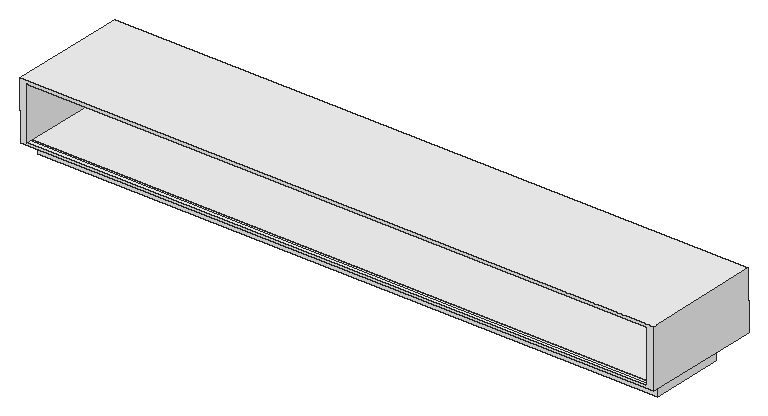
Revit family "2L-W-ID", category Lighting Fixtures, host Face, Revit 2021
Family settings
  Host = Face
  Round Connector Dimension = Use Diameter
  Part Type = Normal
  OmniClass Number = 23.80.70.11.14.17
  OmniClass Title = Direct/Indirect
  Cut with Voids When Loaded = No
  Light Source = Yes
  Shared = Yes
  Room Calculation Point = No
Parameters (values of type "2L-W-ID-02")
  Watts = 12.1 W
  Wattage Comments = "Variable Intensity technology provides specifiable lumen output/wattage"  # constant formula
  Wattage = 12.1 W
  Warranty = "5 years Warranty"  # constant formula
  built-in parameter 1150110 = 1 (stored number, unit not read)
  Voltage = 120 V
  URL = "https://www.currentlighting.com/litecontrol"
  built-in parameter 1114217 = 1 (stored number, unit not read)
  Tilt Angle = -90.00°
  built-in parameter 1150109 = 1 (stored number, unit not read)
  built-in parameter 1150134 = (empty or 0)
  built-in parameter 1150113 = 1 (stored number, unit not read)
  Reflector Finish = White Glass
  Product Page URL = ""
  Product Documentation Link = ""
  Power Factor = 0.9
  Photometric Web File = "2L-W-D-4-DRP-X-CX-35K-D030.ies"
  Mounting Type = "Wall"  # constant formula
  Model = "2L-W-ID"  # constant formula
  Max Length in Row = 2L : 02
  Manufacturer = "LITECONTROL"  # constant formula
  built-in parameter 1150105 = 87.623 (stored number, unit not read)
  Lumens = 1101.1 lm
  built-in parameter 1150115 = 1 (stored number, unit not read)
  Load Classification = Lighting
  built-in parameter 1150137 = (empty or 0)
  built-in parameter 1150139 = (empty or 0)
  built-in parameter 1150112 = 1 (stored number, unit not read)
  built-in parameter 1150114 = 1 (stored number, unit not read)
  Lamp = "LED"  # constant formula
  built-in parameter 1150132 = (empty or 0)
  built-in parameter 1150102 = (empty or 0)
  built-in parameter 1150107 = 3500 (stored number, unit not read)
  built-in parameter 1150138 = (empty or 0)
  built-in parameter 1150106 = 0.87623 (stored number, unit not read)
  Housing Material = Paint - Matte White
  Features = "Variable Intensity technology provides specifiable uplight and downlight light levels\r\nEnd cap design eliminates visible diffuser seams/gaps\r\n2 SDCM color variation\r\nLPA distribution available\r\nSpectraSync™ Color Tuning Technology available\r\nNX Distributed Intelligence™ wired and wireless controls capability available"  # constant formula
  Emit from Rectangle Width = 24"
  Emit from Rectangle Length = 2"  # constant formula
  Emit Shape Visible in Rendering = no
  built-in parameter 1150104 = 8.4542 (stored number, unit not read)
  Fixture distribution = "Indirect/Direct"  # constant formula
  Dimming Protocol = "0-10V, Lutron, DALI"  # constant formula
  Dimming Lamp Color Temperature Shift = <None>
  Description = "The MOD™ 2L LED Wall Indirect/Direct (2L-W-ID) is part of the MODx family, which is an affordably-priced, full-featured offering with best-in-class attention to detail."  # constant formula
  Default Elevation = 48"
  Copyright = "Copyright © Litecontrol"  # constant formula
  Contact us = ""
  Connector Description = "Lighting Connector"  # constant formula
  Color Filter = 16777215
  built-in parameter 1114218 = 1 (stored number, unit not read)
  built-in parameter 1150133 = 10 (stored number, unit not read)
  Assembly Code = "D5020200"
  Application = "Commercial Indoor, Education, Library, Office, Public Space, Retail"  # constant formula
  Apparent Load = Watts / Power Factor  # 13.4444 VA
Types (7): name | Power Factor | Max Length in Row | Emit from Rectangle Width | Apparent Load
  (no name) | 0.9 | 2L : 02 | 24" | 13.4444 VA
  2L-W-ID-04 | 1 | 2L : 04 | 48" | 12.1 VA
  2L-W-ID-02 | 0.9 | 2L : 02 | 24" | 13.4444 VA
  2L-W-ID-03 | 1 | 2L : 03 | 36" | 12.1 VA
  2L-W-ID-05 | 1 | 2L : 05 | 60" | 12.1 VA
  2L-W-ID-06 | 1 | 2L : 06 | 72" | 12.1 VA
  2L-W-ID-08 | 1 | 2L : 08 | 96" | 12.1 VA
Reference planes (in)
  plane 1 "Center (Front/Back)": y = 0
  plane 2: z = 0
  plane 3 "Center (Left/Right)": x = 0
  plane 4: y = 2.60156
Dimensions and locks (in)
  locked: plane 4 to plane 1 "Center (Front/Back)" at 2.60156
  aligned and locked: plane 2 to host face
  aligned and locked: level to host face
Nested families (in)
  nested 1: "2L" at (0, 2.60156, 1.6) x (-1, 0, 0) z (0, -1, 0), type <- "Max Length in Row", type "02"
Connectors (in)
  electrical at (0, 0.00156, 0), driven by "Load Classification", driven by "Voltage", driven by "Apparent Load", driven by "Power Factor", driven by "Connector Description"
    settings: on nested 1, index 1, voltage 120 V, apparent load 13.4444 VA, apparent load phase1 0 VA, apparent load phase2 0 VA, apparent load phase3 0 VA, power factor 0.9, load classification "Lighting", number of poles 1, system type 30, power factor state 1, is connector primary yes, connector utility no, sub classification motor no, connector description "Lighting Connector"
Definition of nested family "2L"
  Parameters
    Width = 2.2"  # constant formula
    Wattage Comments = ""
    URL = ""
    Reflector Finish = none
    Housing Material = none
    Model = ""
    Manufacturer = ""
    Load Classification = none
    Length = 24"
    Lamp = ""
    Height = 4 1/2"  # constant formula
    Description = ""
    Default Elevation = 48"
    Apparent Load = 0 VA  # constant formula
  Reference planes (in)
    plane 1 "Center (Front/Back)": y = 0
    plane 2: z = 0
    plane 3 "Center (Left/Right)": x = 0
    plane 4: x = -12
    plane 5: x = 12
    plane 6: x = -11.75
    plane 7: x = 11.75
    plane 8: y = -1.1
    plane 9: y = 1.1
    plane 10: z = 4.25
    plane 11: z = 4.375
    plane 12: z = 4.25
    plane 13: z = 4.5
    plane 14: z = 3.975
    plane 15: z = 1.225
    plane 16: y = -1.6
  Forms (in)
    Extrusion 1, solid
      sketch origin (0, 0, 0) x (1, 0, 0) y (0, 1, 0)
        loop
          line (-48, 48) -> (-48, -48) -> (48, -48) -> (48, 48) -> (-48, 48)
      from 0 to -1.25
    Extrusion 2, solid, material <- "Housing Material"
      sketch origin (0, 0, 0) x (0, 1, 0) y (0, 0, -1)
        loop
          line (1.1, 0) -> (-1.1, 0) -> (-1.1, -4.5) -> (1.1, -4.5) -> (1.1, 0)
      from -12 to -11.75
    Extrusion 3, solid, material <- "Housing Material"
      sketch origin (-47.9375, 0, 0) x (0, 1, 0) y (0, 0, -1)
        loop
          line (1.1, 0) -> (-1.1, 0) -> (-1.1, -4.5) -> (1.1, -4.5) -> (1.1, 0)
      from -36.1875 to -35.9375
    Sweep 4, solid, material <- "Housing Material"
      path origin (0, 0, 0) x (1, 0, 0) y (0, 1, 0)
        loop
          line (-11.75, 0) -> (11.75, 0)
      profile origin (0, 0, 0) x (0, 1, 0) y (0, 0, 1)
        loop
          line (1.01, 4.5) -> (1.01, 0.13598) -> (-1.01, 0.13598) -> (-1.01, 4.5) -> (-1.1, 4.5) -> (-1.1, 0) -> (1.1, 0) -> (1.1, 4.5) -> (1.01, 4.5)
    Extrusion 5, solid, material <- "Reflector Finish"
      sketch origin (0, 0, 0) x (1, 0, 0) y (0, 1, 0)
        loop
          line (-11.75, 1.01) -> (-11.75, -1.00898) -> (11.75, -1.00898) -> (11.75, 1.01) -> (-11.75, 1.01)
      from 4.375 to 4.25
    Extrusion 6, solid, material <- "Housing Material"
      sketch origin (0, 0, 0) x (1, 0, 0) y (0, 0, 1)
        loop
          line (-11.75, 3.975) -> (-11.75, 1.225) -> (11.75, 1.225) -> (11.75, 3.975) -> (-11.75, 3.975)
      from 1.1 to 1.6
  Cuts and joins
    joined: Extrusion 2, Extrusion 3, Sweep 4
  Dimensions and locks (in)
    equal spacing: plane 4, plane 3 "Center (Left/Right)", plane 5
    "Length": plane 4 to plane 5
    locked: plane 4 to plane 6 at 0.25
    locked: plane 7 to plane 5 at 0.25
    equal spacing: plane 8, plane 1 "Center (Front/Back)", plane 9
    "Width": plane 9 to plane 8
    locked: plane 11 to plane 12 at 0.125
    locked: plane 13 to plane 11 at 0.125
    locked: plane 11 to plane 10 at 0.125
    locked: Sweep 4 sketch curve to Sweep 4 sketch curve at 0.09  (x2)
    "Height": plane 13 to plane 2
    locked: plane 15 to plane 2 at 1.225
    locked: plane 14 to plane 15 at 2.75
    locked: plane 8 to plane 16 at 0.5
    aligned and locked: plane 2 to Extrusion 1
    aligned and locked: level to Extrusion 1
    aligned and locked: plane 5 to Extrusion 2
    aligned and locked: Extrusion 2 to plane 7
    aligned and locked: plane 1 "Center (Front/Back)" to Sweep 4 sketch curve
    aligned and locked: plane 6 to Sweep 4 sketch curve
    aligned and locked: plane 7 to Sweep 4 sketch curve
    aligned and locked: Extrusion 3 sketch curve to plane 8
    aligned and locked: Extrusion 3 sketch curve to plane 9
    aligned and locked: Extrusion 2 sketch curve to plane 9
    aligned and locked: Extrusion 2 sketch curve to plane 8
    aligned and locked: Extrusion 3 to plane 4
    aligned and locked: Extrusion 3 to Sweep 4
    aligned and locked: Sweep 4 to Extrusion 2
    aligned and locked: plane 6 to Extrusion 3
    aligned and locked: Extrusion 5 sketch curve to cut or joined group of Extrusion 2, Extrusion 3, Sweep 4
    aligned and locked: cut or joined group of Extrusion 2, Extrusion 3, Sweep 4 to Extrusion 5 sketch curve  (x2)
    aligned and locked: plane 9 to Sweep 4 sketch curve
    aligned and locked: Sweep 4 sketch curve to plane 8
    aligned and locked: plane 12 to Extrusion 5
    aligned and locked: plane 11 to Extrusion 5
    aligned and locked: plane 13 to cut or joined group of Extrusion 2, Extrusion 3, Sweep 4
    aligned and locked: plane 14 to Extrusion 6 sketch curve
    aligned and locked: plane 6 to Extrusion 6 sketch curve
    aligned and locked: Extrusion 6 sketch curve to plane 15
    aligned and locked: Extrusion 6 sketch curve to plane 7
    aligned and locked: plane 8 to Extrusion 6
    aligned and locked: Extrusion 6 to plane 16
  Automatic sketch dimensions
    Extrusion 1 sketch curve to Extrusion 1 sketch curve = 96"  (x2)
    plane 11 to Extrusion 2 sketch curve = 1/8"
    plane 11 to Extrusion 3 sketch curve = 1/8"
    level to Sweep 4 sketch curve = 0"
    Sweep 4 sketch curve to Sweep 4 sketch curve = 0.13598"
    Sweep 4 sketch curve to Sweep 4 sketch curve = 4.36402"
    Sweep 4 sketch curve to Sweep 4 sketch curve = 0"
    plane 8 to Extrusion 5 sketch curve = 0.09102"
    Extrusion 2 sketch curve to level = 0"
    Extrusion 3 sketch curve to level = 0"
